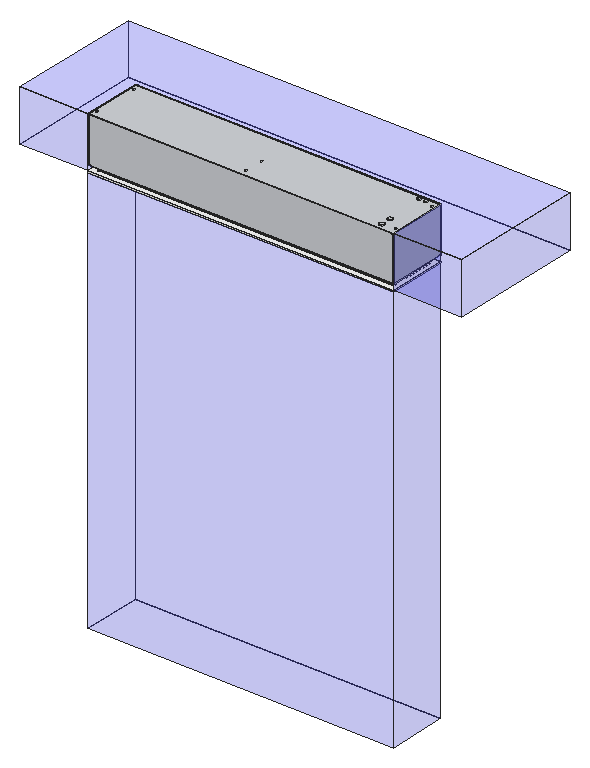
Revit family "PHV2000R P2", category Mechanical Equipment, host Ceiling, Revit 2015
Parameters (values of type "PHV2000WR P2 82/71")
  Width = 436 mm
  Weight (kg) = "73"
  Water holes dist = 76 mm
  Water hole 2 = 46 mm
  Water hole 1 = 121 mm
  Water dimension = 17.5 mm
  URL = "http://www.thermoscreens.com/"
  Supply (50Hz) = "230v~1P&N"
  Product URL = ""
  Noise Level dB (A)@ 3m Med = "59"
  Noise Level dB (A)@ 3m Low = "58"
  Noise Level dB (A)@ 3m High = "61"
  Model = "PHV2000WR P2 82/71"
  Max. velocity = "10.5"
  Manufacturer = "Thermoscreens"
  Loading (A) per phase = "2.7"
  Max. Air Volume (m3/h) = "5010"
  Heat output (kW) = "24"
  Max ofset = "3 meters from the grill"
  Length = 2240 mm
  Fixing hole dimension = 6 mm
  Fixing hole center holes dist = 140 mm
  Fixing hole center dist = 1095 mm
  Fixing hole 2 = 50 mm
  Fixing hole 1 = 25 mm
  Edge 2 = 50 mm
  Edge 1 = 47.5 mm
  E input holes distance = 49.998 mm
  E input hole dimension = 25 mm
  E hole edge 1 = 90 mm
  E hole edge 2 = 25.391 mm
  Drop = 7 mm
  Description = "Thermoscreens PHV recessed range air curtains offer a wide range of heating and mounting options and provide climate separation for entrances up to 3.75m in height. The air curtains are suitable for applications such as hotels, airports, and commercial buildings. The  air curtains are available in standard widths of 1, 1.5 and 2m.  Models available are ambient (without heating), electrical or water heated versions. \r\n\r\nWater heated (LPHW) versions are available with 2 row coils for water inlet temperatures of 70°C or above. In addition, recessed units are also available with 3 row coils for lower water temperatures. Motorised three port valves are supplied as standard with all LPHW models.\r\n\r\nElectrical and LPHW models are supplied complete with Ecopower control."
  Created by = "Daniel Smith"
  Center Y = Width / 2  # 218 mm
  Center X = Length / 2  # 1120 mm
  Boundary work space = 500 mm
Types (4, lengths in mm): name | Weight (kg) | Supply (50Hz) | Model | Max. velocity | Loading (A) per phase | Max. Air Volume (m3/h) | Heat output (kW) | Description
  PHV2000AR P2 | "63" | "230v~1P&N" | "PHV2000AR P2" | "11.5" | "2.7" | "5500" | "-" | "Thermoscreens PHV recessed range air curtains offer a wide range of heating and mounting options and provide climate separation for entrances up to 3.75m in height. The air curtains are suitable for applications such as hotels, airports, and commercial buildings. The  air curtains are available in standard widths of 1, 1.5 and 2m.  Models available are ambient (without heating), electrical or water heated versions. \r\n\r\nWater heated (LPHW) versions are available with 2 row coils for water inlet temperatures of 70°C or above. In addition, recessed units are also available with 3 row coils for lower water temperatures. Motorised three port valves are supplied as standard with all LPHW models.\r\n\r\nElectrical and LPHW models are supplied complete with Ecopower control. \r\nThermoscreens PHV recessed range air curtains offer a wide range of heating and mounting options and provide climate separation for entrances up to 3.75m in height. The air curtains are suitable for applications such as hotels, airports, and commercial buildings. The  air curtains are available in standard widths of 1, 1.5 and 2m.  Models available are ambient (without heating), electrical or water heated versions. \r\n\r\nWater heated (LPHW) versions are available with 2 row coils for water inlet temperatures of 70°C or above. In addition, recessed units are also available with 3 row coils for lower water temperatures. Motorised three port valves are supplied as standard with all LPHW models.\r\n\r\nElectrical and LPHW models are supplied complete with Ecopower control."
  PHV2000ER P2 | "71" | "400v~3P&N" | "PHV2000ER P2" | "11.5" | "37.5" | "5500" | "12/24" | "Thermoscreens PHV recessed range air curtains offer a wide range of heating and mounting options and provide climate separation for entrances up to 3.75m in height. The air curtains are suitable for applications such as hotels, airports, and commercial buildings. The  air curtains are available in standard widths of 1, 1.5 and 2m.  Models available are ambient (without heating), electrical or water heated versions. \r\n\r\nWater heated (LPHW) versions are available with 2 row coils for water inlet temperatures of 70°C or above. In addition, recessed units are also available with 3 row coils for lower water temperatures. Motorised three port valves are supplied as standard with all LPHW models.\r\n\r\nElectrical and LPHW models are supplied complete with Ecopower control."
  PHV2000WR P2 82/71 | "73" | "230v~1P&N" | "PHV2000WR P2 82/71" | "10.5" | "2.7" | "5010" | "24" | "Thermoscreens PHV recessed range air curtains offer a wide range of heating and mounting options and provide climate separation for entrances up to 3.75m in height. The air curtains are suitable for applications such as hotels, airports, and commercial buildings. The  air curtains are available in standard widths of 1, 1.5 and 2m.  Models available are ambient (without heating), electrical or water heated versions. \r\n\r\nWater heated (LPHW) versions are available with 2 row coils for water inlet temperatures of 70°C or above. In addition, recessed units are also available with 3 row coils for lower water temperatures. Motorised three port valves are supplied as standard with all LPHW models.\r\n\r\nElectrical and LPHW models are supplied complete with Ecopower control."
  PHV2000WR P2 60/40 | "73" | "230v~1P&N" | "PHV2000WR P2 60/40" | "10" | "2.7" | "4510" | "24" | "Thermoscreens PHV recessed range air curtains offer a wide range of heating and mounting options and provide climate separation for entrances up to 3.75m in height. The air curtains are suitable for applications such as hotels, airports, and commercial buildings. The  air curtains are available in standard widths of 1, 1.5 and 2m.  Models available are ambient (without heating), electrical or water heated versions. \r\n\r\nWater heated (LPHW) versions are available with 2 row coils for water inlet temperatures of 70°C or above. In addition, recessed units are also available with 3 row coils for lower water temperatures. Motorised three port valves are supplied as standard with all LPHW models.\r\n\r\nElectrical and LPHW models are supplied complete with Ecopower control."
Reference planes
  plane 1 "Center (Front/Back)": y = 0
  plane 2: z = 0
  plane 3 "Center (Left/Right)": x = 0
  plane 4 "Ceiling": z = 0
  plane 5: y = 218
  plane 6: y = -218
  plane 7: x = 1120
  plane 8: x = -1120
  plane 9: y = 168
  plane 10: y = -168
  plane 11: x = 1072.5
  plane 12: x = -1072.5
  plane 13: z = -7
Forms (mm)
  Extrusion 1, solid, material "Default New Material"
    sketch origin (0, 4, -7) x (0, 1, 0) y (-1, 0, 0)
      loop
        line (218, 1120) -> (-218, 1120) -> (-218, -1120) -> (218, -1120) -> (218, 1120)
    from 0 to 7
  Extrusion 2, solid
    sketch origin (0, 0, -7) x (0, 1, 0) y (-1, 0, 0)
      loop
        line (168, 1072.5) -> (-168, 1072.5) -> (-168, -1072.5) -> (168, -1072.5) -> (168, 1072.5)
    from 7 to 50
  Extrusion 3, solid
    sketch origin (1120, 245, 0) x (0, -1, 0) y (0, 0, -1)
      loop
        line (459, -43) -> (23, -43) -> (23, -378.099) -> (459, -378.099) -> (459, -43)
    from 0 to -1.2
  Extrusion 4, solid
    sketch origin (-1120, 191, 0) x (1, 0, 0) y (0, 0, -1)
      loop
        line (2240, -43) -> (0, -43) -> (0, -378.099) -> (2240, -378.099) -> (2240, -43)
    from 31 to 29.8
  Extrusion 5, solid
    sketch origin (-1120, -245, 0) x (0, 1, 0) y (0, 0, -1)
      loop
        line (467, -378.099) -> (467, -43) -> (31, -43) -> (31, -378.099) -> (467, -378.099)
    from 0 to -1.2
  Extrusion 6, solid
    sketch origin (1120, -191, 0) x (-1, 0, 0) y (0, 0, -1)
      loop
        line (2240, -43) -> (0, -43) -> (0, -378.099) -> (2240, -378.099) -> (2240, -43)
    from 23 to 21.8
  Extrusion 7, solid
    sketch origin (1120, -240, 378.099) x (0, 1, 0) y (-1, 0, 0)
      loop
        line (26, 0) -> (462, 0) -> (462, 2240) -> (26, 2240) -> (26, 0)
    from 0 to -1.2
  Extrusion 8, solid
    sketch origin (1120, -240, 376.899) x (-1, 0, 0) y (0, 1, 0)
      loop
        circle (121, 148) r 17.5
      loop
        circle (121, 72) r 17.5
    from 0 to -1.2
  Extrusion 9, solid
    sketch origin (1120, -240, 378.099) x (0, 1, 0) y (-1, 0, 0)
      loop
        circle (436.609, 90) r 12.5
      loop
        circle (436.609, 139.998) r 12.5
    from 0 to -1.2
  Extrusion 10, solid
    sketch origin (1120, -240, 378.099) x (0, 1, 0) y (-1, 0, 0)
      loop
        circle (412, 2215) r 6
      loop
        circle (76, 2215) r 6
      loop
        circle (76, 1120) r 6
      loop
        circle (412, 25) r 6
      loop
        circle (76, 25) r 6
      loop
        circle (216, 1120) r 6
    from 0 to -1.2
  Extrusion 11, void
    sketch origin (0, 4, -7) x (0, 1, 0) y (-1, 0, 0)
      loop
        line (-178, -1085) -> (-153, -1085) -> (-153, 1080) -> (-178, 1080) -> (-178, -1085)
      loop
        line (-143, 1080) -> (-143, -1085) -> (-118, -1085) -> (-118, 1080) -> (-143, 1080)
      loop
        line (-108, 1080) -> (-108, -1085) -> (-83, -1085) -> (-83, 1080) -> (-108, 1080)
      loop
        line (-63, 1080) -> (-63, -1085) -> (-58, -1085) -> (-58, 1080) -> (-63, 1080)
      loop
        line (-53, 1080) -> (-53, -1085) -> (-48, -1085) -> (-48, 1080) -> (-53, 1080)
      loop
        line (-43.066, 1080) -> (-43.066, -1085) -> (-38.066, -1085) -> (-38.066, 1080) -> (-43.066, 1080)
      loop
        line (-33.066, 1080) -> (-33.066, -1085) -> (-28.066, -1085) -> (-28.066, 1080) -> (-33.066, 1080)
      loop
        line (-23.137, 1080) -> (-23.137, -1085) -> (-18.137, -1085) -> (-18.137, 1080) -> (-23.137, 1080)
      loop
        line (-13.137, 1080) -> (-13.137, -1085) -> (-8.137, -1085) -> (-8.137, 1080) -> (-13.137, 1080)
      loop
        line (-3.203, 1080) -> (-3.203, -1085) -> (1.797, -1085) -> (1.797, 1080) -> (-3.203, 1080)
      loop
        line (6.797, 1080) -> (6.797, -1085) -> (11.797, -1085) -> (11.797, 1080) -> (6.797, 1080)
      loop
        line (17, 1080) -> (17, -1085) -> (22, -1085) -> (22, 1080) -> (17, 1080)
      loop
        line (27, 1080) -> (27, -1085) -> (32, -1085) -> (32, 1080) -> (27, 1080)
      loop
        line (36.934, 1080) -> (36.934, -1085) -> (41.934, -1085) -> (41.934, 1080) -> (36.934, 1080)
      loop
        line (46.934, 1080) -> (46.934, -1085) -> (51.934, -1085) -> (51.934, 1080) -> (46.934, 1080)
      loop
        line (56.863, 1080) -> (56.863, -1085) -> (61.863, -1085) -> (61.863, 1080) -> (56.863, 1080)
      loop
        line (66.863, 1080) -> (66.863, -1085) -> (71.863, -1085) -> (71.863, 1080) -> (66.863, 1080)
      loop
        line (76.797, 1080) -> (76.797, -1085) -> (81.797, -1085) -> (81.797, 1080) -> (76.797, 1080)
      loop
        line (86.797, 1080) -> (86.797, -1085) -> (91.797, -1085) -> (91.797, 1080) -> (86.797, 1080)
      loop
        line (96.783, 1080) -> (96.783, -1085) -> (101.783, -1085) -> (101.783, 1080) -> (96.783, 1080)
      loop
        line (106.783, 1080) -> (106.783, -1085) -> (111.783, -1085) -> (111.783, 1080) -> (106.783, 1080)
      loop
        line (116.717, 1080) -> (116.717, -1085) -> (121.717, -1085) -> (121.717, 1080) -> (116.717, 1080)
      loop
        line (126.717, 1080) -> (126.717, -1085) -> (131.717, -1085) -> (131.717, 1080) -> (126.717, 1080)
      loop
        line (136.645, 1080) -> (136.645, -1085) -> (141.645, -1085) -> (141.645, 1080) -> (136.645, 1080)
      loop
        line (146.645, 1080) -> (146.645, -1085) -> (151.645, -1085) -> (151.645, 1080) -> (146.645, 1080)
      loop
        line (156.58, 1080) -> (156.58, -1085) -> (161.58, -1085) -> (161.58, 1080) -> (156.58, 1080)
      loop
        line (166.58, 1080) -> (166.58, -1085) -> (171.58, -1085) -> (171.58, 1080) -> (166.58, 1080)
    from 0 to 5
  Extrusion 12, solid
    sketch origin (1120, 191, 43) x (0, 1, 0) y (1, 0, 0)
      loop
        line (-405, 0) -> (-405, -2240) -> (31, -2240) -> (31, 0) -> (-405, 0)
    from 0 to -1.2
  Extrusion 13, solid, material "Default"
    sketch origin (1120, -240, 378.099) x (0, 1, 0) y (-1, 0, 0)
      loop
        line (26, 0) -> (26, -498.8) -> (1026, -498.8) -> (1026, 2738.8) -> (26, 2738.8) -> (26, 2240) -> (462, 2240) -> (462, 0) -> (26, 0)
    from 0 to -378.099
  Extrusion 14, solid, material "Default"
    sketch origin (0, 4, -7) x (-1, 0, 0) y (0, 1, 0)
      loop
        line (-1120, -218) -> (1120, -218) -> (1120, 218) -> (-1120, 218) -> (-1120, -218)
    from 0 to 3000
Cuts and joins
  Extrusion 11 cuts Extrusion 1
Dimensions and locks
  equal spacing: host sketch curve, plane 3 "Center (Left/Right)", host sketch curve
  equal spacing: host sketch curve, plane 1 "Center (Front/Back)", host sketch curve
  host sketch curve to host sketch curve = 4000 mm  (x2)
  locked: plane 4 "Ceiling" to host ceiling at 0
  "Center X": plane 8 to plane 3 "Center (Left/Right)"
  "Center Y": plane 1 "Center (Front/Back)" to plane 6
  "Width": plane 5 to plane 6
  "Length": plane 8 to plane 7
  "Edge 2": plane 5 to plane 9
  "Edge 2": plane 6 to plane 10
  "Edge 1": plane 11 to plane 7
  "Edge 1": plane 8 to plane 12
  "Water hole 1": Extrusion 3 to Extrusion 8 sketch curve  (x2)
  "Water holes dist": Extrusion 8 sketch curve to Extrusion 8 sketch curve
  "Water hole 2": Extrusion 7 to Extrusion 8 sketch curve
  "E input holes distance": Extrusion 9 sketch curve to Extrusion 9 sketch curve
  "E hole edge 2": Extrusion 7 to Extrusion 9 sketch curve  (x2)
  "E hole edge 1": Extrusion 9 sketch curve to Extrusion 7
  "Fixing hole 2": Extrusion 7 to Extrusion 10 sketch curve  (x5)
  "Fixing hole 1": Extrusion 7 to Extrusion 10 sketch curve  (x2)
  "Fixing hole 1": Extrusion 10 sketch curve to Extrusion 7  (x2)
  "Fixing hole center dist": Extrusion 10 sketch curve to Extrusion 10 sketch curve
  "Drop": level to plane 13
  "Water dimension": radius of Extrusion 8 sketch curve  (x2)
  "E input hole dimension": diameter of Extrusion 9 sketch curve  (x2)
  "Fixing hole dimension": radius of Extrusion 10 sketch curve  (x6)
Automatic sketch dimensions
  plane 6 to Extrusion 1 sketch curve = 4 mm
  plane 5 to Extrusion 1 sketch curve = 4 mm
  Extrusion 1 sketch curve to plane 7 = 0 mm
  Extrusion 1 sketch curve to plane 8 = 0 mm
  Extrusion 2 sketch curve to plane 10 = 0 mm
  plane 9 to Extrusion 2 sketch curve = 0 mm
  Extrusion 2 sketch curve to plane 11 = 0 mm
  Extrusion 2 sketch curve to plane 12 = 0 mm
  Extrusion 7 sketch curve to Extrusion 3 = 0 mm  (x2)
  Extrusion 3 to Extrusion 7 sketch curve = 0 mm
  Extrusion 7 sketch curve to Extrusion 3 = 2238.8 mm
  Extrusion 1 to Extrusion 11 sketch curve = 40 mm  (x3)
  Extrusion 11 sketch curve to Extrusion 11 sketch curve = 25 mm  (x3)
  Extrusion 11 sketch curve to Extrusion 11 sketch curve = 10 mm  (x2)
  Extrusion 11 sketch curve to Extrusion 11 sketch curve = 20 mm
  Extrusion 11 sketch curve to Extrusion 11 sketch curve = 5 mm  (x36)
  Extrusion 11 sketch curve to Extrusion 11 sketch curve = 4.934 mm  (x6)
  Extrusion 11 sketch curve to Extrusion 11 sketch curve = 4.928 mm  (x3)
  Extrusion 11 sketch curve to Extrusion 11 sketch curve = 5.203 mm
  Extrusion 11 sketch curve to Extrusion 11 sketch curve = 4.986 mm
  Extrusion 1 to Extrusion 11 sketch curve = 35 mm  (x2)
  Extrusion 11 sketch curve to Extrusion 11 sketch curve = 0 mm  (x50)
  plane 5 to Extrusion 3 sketch curve = 4 mm
  plane 6 to Extrusion 3 sketch curve = 4 mm
  level to Extrusion 3 sketch curve = 378.099 mm
  level to Extrusion 3 sketch curve = 43 mm
  plane 8 to Extrusion 4 sketch curve = 0 mm
  plane 7 to Extrusion 4 sketch curve = 0 mm
  level to Extrusion 4 sketch curve = 378.099 mm
  level to Extrusion 4 sketch curve = 43 mm
  plane 6 to Extrusion 5 sketch curve = 4 mm
  plane 5 to Extrusion 5 sketch curve = 4 mm
  level to Extrusion 5 sketch curve = 378.099 mm
  level to Extrusion 5 sketch curve = 43 mm
  plane 7 to Extrusion 6 sketch curve = 0 mm
  plane 8 to Extrusion 6 sketch curve = 0 mm
  level to Extrusion 6 sketch curve = 378.099 mm
  level to Extrusion 6 sketch curve = 43 mm
  Extrusion 12 sketch curve to Extrusion 4 = 0 mm  (x3)
  Extrusion 4 to Extrusion 12 sketch curve = 434.8 mm
  Extrusion 10 sketch curve to Extrusion 10 sketch curve = 140 mm
  Extrusion 10 sketch curve to Extrusion 10 sketch curve = 0 mm
  Extrusion 7 to Extrusion 13 sketch curve = 0 mm
  Extrusion 13 sketch curve to Extrusion 7 = 0 mm  (x4)
  Extrusion 7 to Extrusion 13 sketch curve = 498.8 mm  (x2)
  Extrusion 7 to Extrusion 13 sketch curve = 564 mm
  Extrusion 14 sketch curve to Extrusion 1 = 0 mm  (x4)
Connectors
  piping at (-1095, 172, 378.099), diameter 12
    settings: on Extrusion 10, index 1, connector inside diameter 609.6 mm, connector length 0 mm, flow factor 0, pipe flow 0.0 L/s, pressure drop 0.0 Pa, fitting loss kfactor 0, connector angle 0.00°, fixture units 0, engagement length 0 mm, angle of deflection 0.00°, flow configuration 0, flow direction 0, fitting loss method 0, system type 28, joint type 0, gender type 0, connector reference index -1, connector utility 0, adjustable connector no, is connector primary yes, connector description ""
  piping at (-1095, -164, 378.099), diameter 12
    settings: on Extrusion 10, index 2, connector inside diameter 609.6 mm, connector length 0 mm, flow factor 0, pipe flow 0.0 L/s, pressure drop 0.0 Pa, fitting loss kfactor 0, connector angle 0.00°, fixture units 0, engagement length 0 mm, angle of deflection 0.00°, flow configuration 0, flow direction 0, fitting loss method 0, system type 28, joint type 0, gender type 0, connector reference index -1, connector utility 0, adjustable connector no, is connector primary no, connector description ""
  piping at (0, -24, 378.099), diameter 12
    settings: on Extrusion 10, index 3, connector inside diameter 609.6 mm, connector length 0 mm, flow factor 0, pipe flow 0.0 L/s, pressure drop 0.0 Pa, fitting loss kfactor 0, connector angle 0.00°, fixture units 0, engagement length 0 mm, angle of deflection 0.00°, flow configuration 0, flow direction 0, fitting loss method 0, system type 28, joint type 0, gender type 0, connector reference index -1, connector utility 0, adjustable connector no, is connector primary no, connector description ""
  piping at (0, -164, 378.099), diameter 12
    settings: on Extrusion 10, index 4, connector inside diameter 609.6 mm, connector length 0 mm, flow factor 0, pipe flow 0.0 L/s, pressure drop 0.0 Pa, fitting loss kfactor 0, connector angle 0.00°, fixture units 0, engagement length 0 mm, angle of deflection 0.00°, flow configuration 0, flow direction 0, fitting loss method 0, system type 28, joint type 0, gender type 0, connector reference index -1, connector utility 0, adjustable connector no, is connector primary no, connector description ""
  piping at (1095, -164, 378.099), diameter 12
    settings: on Extrusion 10, index 5, connector inside diameter 609.6 mm, connector length 0 mm, flow factor 0, pipe flow 0.0 L/s, pressure drop 0.0 Pa, fitting loss kfactor 0, connector angle 0.00°, fixture units 0, engagement length 0 mm, angle of deflection 0.00°, flow configuration 0, flow direction 0, fitting loss method 0, system type 28, joint type 0, gender type 0, connector reference index -1, connector utility 0, adjustable connector no, is connector primary no, connector description ""
  piping at (1095, 172, 378.099), diameter 12
    settings: on Extrusion 10, index 6, connector inside diameter 609.6 mm, connector length 0 mm, flow factor 0, pipe flow 0.0 L/s, pressure drop 0.0 Pa, fitting loss kfactor 0, connector angle 0.00°, fixture units 0, engagement length 0 mm, angle of deflection 0.00°, flow configuration 0, flow direction 0, fitting loss method 0, system type 28, joint type 0, gender type 0, connector reference index -1, connector utility 0, adjustable connector no, is connector primary no, connector description ""
  piping at (999, -92, 378.099), diameter 35
    settings: on Extrusion 8, index 7, connector inside diameter 609.6 mm, connector length 0 mm, flow factor 0, pipe flow 0.0 L/s, pressure drop 0.0 Pa, fitting loss kfactor 0, connector angle 0.00°, fixture units 0, engagement length 0 mm, angle of deflection 0.00°, flow configuration 0, flow direction 1, fitting loss method 4, system type 19, joint type 0, gender type 0, connector reference index -1, connector utility 0, adjustable connector no, is connector primary no, connector description ""
  piping at (999, -168, 378.099), diameter 35
    settings: on Extrusion 8, index 8, connector inside diameter 609.6 mm, connector length 0 mm, flow factor 0, pipe flow 0.0 L/s, pressure drop 0.0 Pa, fitting loss kfactor 0, connector angle 0.00°, fixture units 0, engagement length 0 mm, angle of deflection 0.00°, flow configuration 0, flow direction 2, fitting loss method 4, system type 19, joint type 0, gender type 0, connector reference index -1, connector utility 0, adjustable connector no, is connector primary no, connector description ""
